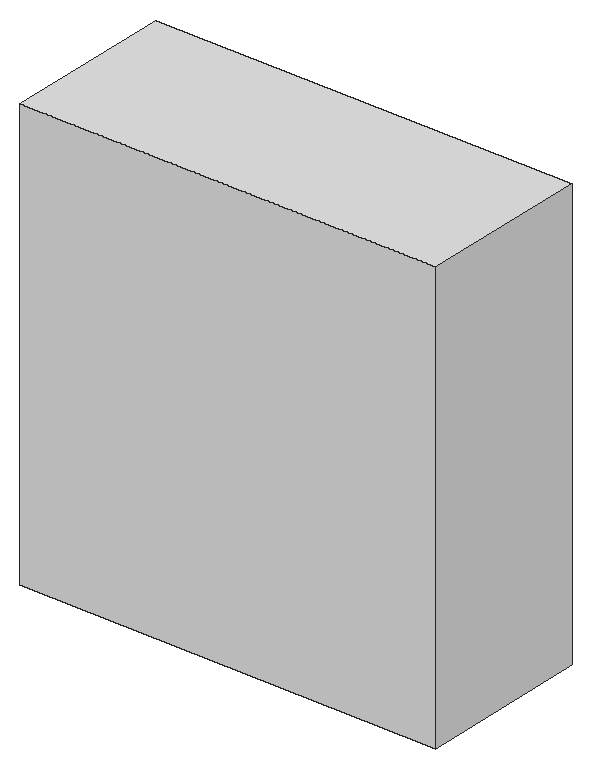
Revit family "OD_CW_Countertop", category Casework, Revit 2015
Parameters
  OD_CW_Width [instance] = 2' - 9"
  OD_CW_Off Floor [instance] = 3' - 2"
  OD_CW_Length [instance] = 6' - 9"
  OD_CW_Height [instance] = 7' - 0"
  Depth = 2' - 0"
  Height = 3' - 0"
  Width = 4' - 0"
Reference planes (in)
  plane 1 "Center (Left/Right)": x = 0.7377
  plane 2 "Left": x = -23.2623
  plane 3 "Right": x = 24.7377
  plane 4 "Front": y = -24
  plane 5 "Top": z = 122
  plane 6: x = 81.7377
  plane 7: y = 9
  plane 8: z = 38
Forms (in)
  Extrusion 1, solid
    sketch origin (24.7377, 0, 0) x (0, -1, 0) y (0, 0, 1)
      loop
        line (24, 122) -> (-9, 122) -> (-9, 38) -> (24, 38) -> (24, 122)
    from -57 to 24
Lines and regions (in)
  symbolic lines, style "InvisibleLines"
    curve 1: line (0.7377, 9, 0) -> (0.7377, -28, 0)
  symbolic lines, style "CaseworkHiddenLines"
    curve 2: line (0.7377, 9, 0) -> (81.7377, 9, 0)
    curve 3: line (0.7377, -24, 0) -> (0.7377, 9, 0)
    curve 4: line (81.7377, -24, 0) -> (0.7377, -24, 0)
    curve 5: line (81.7377, 9, 0) -> (81.7377, -24, 0)
Dimensions and locks (in)
  equal spacing: plane 2 "Left", plane 1 "Center (Left/Right)", plane 3 "Right"
  "OD_CW_Width": plane 4 "Front" to plane 7
  "OD_CW_Length": plane 1 "Center (Left/Right)" to plane 6
  "OD_CW_Height": plane 5 "Top" to plane 8
  "OD_CW_Off Floor": plane 8 to level
  locked: curve 1 to Extrusion 1 at 4
  aligned and locked: plane 5 "Top" to Extrusion 1 sketch curve
  aligned and locked: Extrusion 1 sketch curve to plane 4 "Front"
  aligned and locked: Extrusion 1 sketch curve to plane 7
  aligned and locked: Extrusion 1 to plane 1 "Center (Left/Right)"
  aligned and locked: plane 6 to Extrusion 1
  aligned and locked: plane 8 to Extrusion 1 sketch curve
  aligned and locked: curve 2 to plane 7
  aligned and locked: plane 1 "Center (Left/Right)" to curve 3
  aligned and locked: curve 4 to plane 4 "Front"
  aligned and locked: curve 5 to plane 6
